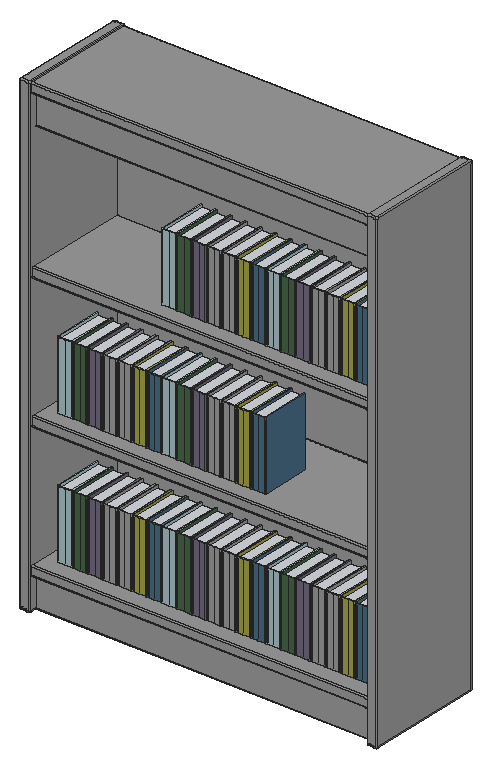
Revit family "Array 36x12x48", category Generic Models, Revit 2018
Family settings
  Can host rebar = No
  Round Connector Dimension = Use Diameter
  Part Type = Normal
  Work Plane-Based = No
  Always vertical = Yes
  Cut with Voids When Loaded = No
  Shared = No
  Room Calculation Point = No
Parameters
  Surface = Array Glider 36x12x48
Reference planes (in)
  plane 1 "Center (Front/Back)": y = 0
  plane 2: z = 0
  plane 3 "Center (Left/Right)": x = 0
Forms (in)
  Extrusion 1, solid, material "Array Glider 36x12x48" <- "Surface"
    sketch origin (0, 0, 6) x (0, 1, 0) y (0, 0, 1)
      loop
        line (-0.125, 41.23662) -> (-0.125, 42.00062)
        arc (-0.125, 42.00062) -> (-0.15956, 42.08405) -> (-0.243, 42.11862) r 0.118
        line (-0.243, 42.11862) -> (-11.757, 42.11862)
        arc (-11.757, 42.11862) -> (-11.84044, 42.08405) -> (-11.875, 42.00062) r 0.118
        line (-11.875, 42.00062) -> (-11.875, 41.23662)
        arc (-11.875, 41.23662) -> (-11.84044, 41.15318) -> (-11.757, 41.11862) r 0.118
        line (-11.757, 41.11862) -> (-0.243, 41.11862)
        arc (-0.243, 41.11862) -> (-0.15956, 41.15318) -> (-0.125, 41.23662) r 0.118
    from -17 to 17
  Extrusion 2, solid, material "Array Glider 36x12x48" <- "Surface"
    sketch origin (0, 0, -37.625) x (0, 1, 0) y (0, 0, 1)
      loop
        line (-0.993, 42.11862) -> (-11.757, 42.11862)
        arc (-11.757, 42.11862) -> (-11.84044, 42.08405) -> (-11.875, 42.00062) r 0.118
        line (-11.875, 42.00062) -> (-11.875, 41.23662)
        arc (-11.875, 41.23662) -> (-11.84044, 41.15318) -> (-11.757, 41.11862) r 0.118
        line (-11.757, 41.11862) -> (-0.993, 41.11862) -> (-0.993, 42.11862)
    from -17 to 17
  Extrusion 3, solid, material "Array Glider 36x12x48" <- "Surface"
    sketch origin (0, 0, 6) x (0, 1, 0) y (0, 0, 1)
      loop
        line (-11.25, 41.11862) -> (-11.25, 37.98662)
        arc (-11.25, 37.98662) -> (-11.21544, 37.90318) -> (-11.132, 37.86862) r 0.118
        line (-11.132, 37.86862) -> (-10.368, 37.86862)
        arc (-10.368, 37.86862) -> (-10.28456, 37.90318) -> (-10.25, 37.98662) r 0.118
        line (-10.25, 37.98662) -> (-10.25, 41.11862) -> (-11.25, 41.11862)
    from -17 to 17
  Extrusion 4, solid, material "Array Glider 36x12x48" <- "Surface"
    sketch origin (0, 0, -37.625) x (0, 1, 0) y (0, 0, 1)
      loop
        line (-11.25, 41.11862) -> (-11.25, 37.98662)
        arc (-11.25, 37.98662) -> (-11.21544, 37.90318) -> (-11.132, 37.86862) r 0.118
        line (-11.132, 37.86862) -> (-10.368, 37.86862)
        arc (-10.368, 37.86862) -> (-10.28456, 37.90318) -> (-10.25, 37.98662) r 0.118
        line (-10.25, 37.98662) -> (-10.25, 41.11862) -> (-11.25, 41.11862)
    from -17 to 17
  Extrusion 5, solid, material "Array Glider 36x12x48" <- "Surface"
    sketch origin (0, -0.618, 0) x (0, 1, 0) y (0, 0, 1)
      loop
        line (0.375, 0.24362) -> (0.375, 47.11862) -> (-0.375, 47.11862) -> (-0.375, 0.24362) -> (0.375, 0.24362)
    from -17 to 17
  Extrusion 6, solid, material "Array Glider 36x12x48" <- "Surface"
    sketch origin (0, 0, -24.166) x (0, 1, 0) y (0, 0, 1)
      loop
        line (-0.993, 41.23662) -> (-0.993, 42.00062)
        arc (-0.993, 42.00062) -> (-1.02756, 42.08405) -> (-1.111, 42.11862) r 0.118
        line (-1.111, 42.11862) -> (-11.632, 42.11862)
        arc (-11.632, 42.11862) -> (-11.71544, 42.08405) -> (-11.75, 42.00062) r 0.118
        line (-11.75, 42.00062) -> (-11.75, 41.23662)
        arc (-11.75, 41.23662) -> (-11.71544, 41.15318) -> (-11.632, 41.11862) r 0.118
        line (-11.632, 41.11862) -> (-1.111, 41.11862)
        arc (-1.111, 41.11862) -> (-1.02756, 41.15318) -> (-0.993, 41.23662) r 0.118
    from -17 to 17
  Revolve 7, solid, material "Array Gliders"
    sketch origin (0, -9.56264, 0) x (1, 0, 0) y (0, 0, 1)
      loop
        line (-15.31312, 0) -> (-14.97741, 0)
        arc (-14.97741, 0) -> (-14.96813, 0.01343) -> (-14.9733, 0.02891) r 0.01826
        line (-14.9733, 0.02891) -> (-15.1255, 0.18112) -> (-15.18869, 0.18112) -> (-15.18869, 1.17538) -> (-15.31312, 1.17538) -> (-15.31312, 0)
      axis (-15.31312, 0) -> (-15.31312, 1.17538)
    angle from 0 to 360
  Extrusion 8, solid, material "Array Gliders"
    sketch origin (0, 0, 0) x (1, 0, 0) y (0, 1, 0)
      loop
        line (-13.9375, -10.25) -> (-16, -8.1875) -> (-16, -10.25) -> (-13.9375, -10.25)
    from 0.24362 to 0.30612
  Extrusion 9, solid, material "Array Glider 36x12x48" <- "Surface"
    sketch origin (0, 0, 0) x (1, 0, 0) y (0, 0, 1)
      loop
        line (-17, 3.49362) -> (-17, 0.24362) -> (-16, 0.24362) -> (-16, 3.49362) -> (-17, 3.49362)
    from 0.993 to 10.25
  Extrusion 10, solid, material "Array Glider 36x12x48" <- "Surface"
    sketch origin (0, 0, 0) x (-1, 0, 0) y (0, 0, -1)
      loop
        line (-17, -3.49362) -> (-16, -3.49362) -> (-16, -0.24362) -> (-17, -0.24362) -> (-17, -3.49362)
    from 0.993 to 10.25
  Extrusion 11, solid, material "Array Glider 36x12x48" <- "Surface"
    sketch origin (0, 0, 43.625) x (-1, 0, 0) y (0, 0, -1)
      loop
        line (-17, -3.49362) -> (-16, -3.49362) -> (-16, -0.36162)
        arc (-16, -0.36162) -> (-16.03456, -0.27818) -> (-16.118, -0.24362) r 0.118
        line (-16.118, -0.24362) -> (-16.882, -0.24362)
        arc (-16.882, -0.24362) -> (-16.96544, -0.27818) -> (-17, -0.36162) r 0.118
        line (-17, -0.36162) -> (-17, -3.49362)
    from 0.993 to 10.25
  Extrusion 12, solid, material "Array Glider 36x12x48" <- "Surface"
    sketch origin (0, 0, 43.625) x (1, 0, 0) y (0, 0, 1)
      loop
        line (-17, 3.49362) -> (-17, 0.36162)
        arc (-17, 0.36162) -> (-16.96544, 0.27818) -> (-16.882, 0.24362) r 0.118
        line (-16.882, 0.24362) -> (-16.118, 0.24362)
        arc (-16.118, 0.24362) -> (-16.03456, 0.27818) -> (-16, 0.36162) r 0.118
        line (-16, 0.36162) -> (-16, 3.49362) -> (-17, 3.49362)
    from 0.993 to 10.25
  Revolve 13, solid, material "Array Gliders"
    sketch origin (0, -9.56264, 0) x (-1, 0, 0) y (0, 0, -1)
      loop
        line (-15.31312, 0) -> (-15.31312, -1.17538) -> (-15.18869, -1.17538) -> (-15.18869, -0.18112) -> (-15.1255, -0.18112) -> (-14.9733, -0.02891)
        arc (-14.9733, -0.02891) -> (-14.96813, -0.01343) -> (-14.97741, 0) r 0.01826
        line (-14.97741, 0) -> (-15.31312, 0)
      axis (-15.31312, 0) -> (-15.31312, -1.17538)
    angle from 0 to 360
  Extrusion 14, solid, material "Array Gliders"
    sketch origin (0, 0, 0) x (-1, 0, 0) y (0, -1, 0)
      loop
        line (-13.9375, 10.25) -> (-16, 10.25) -> (-16, 8.1875) -> (-13.9375, 10.25)
    from 0.24362 to 0.30612
  Extrusion 15, solid, material "Array Glider 36x12x48" <- "Surface"
    sketch origin (0, 0, -10.708) x (0, 1, 0) y (0, 0, 1)
      loop
        line (-0.993, 41.23662) -> (-0.993, 42.00062)
        arc (-0.993, 42.00062) -> (-1.02756, 42.08405) -> (-1.111, 42.11862) r 0.118
        line (-1.111, 42.11862) -> (-11.632, 42.11862)
        arc (-11.632, 42.11862) -> (-11.71544, 42.08405) -> (-11.75, 42.00062) r 0.118
        line (-11.75, 42.00062) -> (-11.75, 41.23662)
        arc (-11.75, 41.23662) -> (-11.71544, 41.15318) -> (-11.632, 41.11862) r 0.118
        line (-11.632, 41.11862) -> (-1.111, 41.11862)
        arc (-1.111, 41.11862) -> (-1.02756, 41.15318) -> (-0.993, 41.23662) r 0.118
    from -17 to 17
  Revolve 16, solid, material "Array Gliders"
    sketch origin (0, -1.68036, 0) x (1, 0, 0) y (0, 0, -1)
      loop
        line (-15.31312, 0) -> (-15.31312, -1.17538) -> (-15.18869, -1.17538) -> (-15.18869, -0.18112) -> (-15.1255, -0.18112) -> (-14.9733, -0.02891)
        arc (-14.9733, -0.02891) -> (-14.96813, -0.01343) -> (-14.97741, 0) r 0.01826
        line (-14.97741, 0) -> (-15.31312, 0)
      axis (-15.31312, 0) -> (-15.31312, -1.17538)
    angle from 0 to 360
  Extrusion 17, solid, material "Array Gliders"
    sketch origin (0, -11.243, 0) x (1, 0, 0) y (0, 1, 0)
      loop
        line (-13.9375, 10.25) -> (-16, 10.25) -> (-16, 8.1875) -> (-13.9375, 10.25)
    from 0.24362 to 0.30612
  Revolve 18, solid, material "Array Gliders"
    sketch origin (0, -1.68036, 0) x (-1, 0, 0) y (0, 0, 1)
      loop
        line (-15.31312, 0) -> (-14.97741, 0)
        arc (-14.97741, 0) -> (-14.96813, 0.01343) -> (-14.9733, 0.02891) r 0.01826
        line (-14.9733, 0.02891) -> (-15.1255, 0.18112) -> (-15.18869, 0.18112) -> (-15.18869, 1.17538) -> (-15.31312, 1.17538) -> (-15.31312, 0)
      axis (-15.31312, 0) -> (-15.31312, 1.17538)
    angle from 0 to 360
  Extrusion 19, solid, material "Array Gliders"
    sketch origin (0, -11.243, 0) x (-1, 0, 0) y (0, -1, 0)
      loop
        line (-13.9375, -10.25) -> (-16, -8.1875) -> (-16, -10.25) -> (-13.9375, -10.25)
    from 0.24362 to 0.30612
  Sweep 20, solid, material "Array Glider 36x12x48" <- "Surface"
    path origin (0, 0, 0) x (0, 1, 0) y (0, 0, 1)
      loop
        arc (-11.86124, 48.12562) -> (-11.87592, 48.11954) -> (-11.882, 48.10486) r 0.02076
        line (-11.882, 48.10486) -> (-11.882, 0.38237)
        arc (-11.882, 0.38237) -> (-11.87592, 0.36769) -> (-11.86124, 0.36162) r 0.02076
        line (-11.86124, 0.36162) -> (-0.13876, 0.36162)
        arc (-0.13876, 0.36162) -> (-0.12408, 0.36769) -> (-0.118, 0.38237) r 0.02076
        line (-0.118, 0.38237) -> (-0.118, 48.10486)
        arc (-0.118, 48.10486) -> (-0.12408, 48.11954) -> (-0.13876, 48.12562) r 0.02076
        line (-0.13876, 48.12562) -> (-11.86124, 48.12562)
    profile origin (0, -6, 48.12562) x (0, 0, 1) y (1, 0, 0)
      loop
        line (0, -17) -> (0, -18)
        arc (0, -18) -> (0.08344, -17.96544) -> (0.118, -17.882) r 0.118
        line (0.118, -17.882) -> (0.118, -17.118)
        arc (0.118, -17.118) -> (0.08344, -17.03456) -> (0, -17) r 0.118
  Sweep 21, solid, material "Array Glider 36x12x48" <- "Surface"
    path origin (0, 0, 0) x (0, 1, 0) y (0, 0, -1)
      loop
        line (-11.86124, -48.12562) -> (-0.13876, -48.12562)
        arc (-0.13876, -48.12562) -> (-0.12408, -48.11954) -> (-0.118, -48.10486) r 0.02076
        line (-0.118, -48.10486) -> (-0.118, -0.38237)
        arc (-0.118, -0.38237) -> (-0.12408, -0.36769) -> (-0.13876, -0.36162) r 0.02076
        line (-0.13876, -0.36162) -> (-11.86124, -0.36162)
        arc (-11.86124, -0.36162) -> (-11.87592, -0.36769) -> (-11.882, -0.38237) r 0.02076
        line (-11.882, -0.38237) -> (-11.882, -48.10486)
        arc (-11.882, -48.10486) -> (-11.87592, -48.11954) -> (-11.86124, -48.12562) r 0.02076
    profile origin (0, -6, 48.12562) x (0, 0, -1) y (-1, 0, 0)
      loop
        arc (0, -17) -> (-0.08344, -17.03456) -> (-0.118, -17.118) r 0.118
        line (-0.118, -17.118) -> (-0.118, -17.882)
        arc (-0.118, -17.882) -> (-0.08344, -17.96544) -> (0, -18) r 0.118
        line (0, -18) -> (0, -17)
  Extrusion 22, solid, material "Array Glider 36x12x48" <- "Surface"
    sketch origin (0, 0, 0) x (0, 1, 0) y (0, 0, 1)
      loop
        arc (-11.86124, 48.12562) -> (-11.87592, 48.11954) -> (-11.882, 48.10486) r 0.02076
        line (-11.882, 48.10486) -> (-11.882, 0.38237)
        arc (-11.882, 0.38237) -> (-11.87592, 0.36769) -> (-11.86124, 0.36162) r 0.02076
        line (-11.86124, 0.36162) -> (-0.13876, 0.36162)
        arc (-0.13876, 0.36162) -> (-0.12408, 0.36769) -> (-0.118, 0.38237) r 0.02076
        line (-0.118, 0.38237) -> (-0.118, 48.10486)
        arc (-0.118, 48.10486) -> (-0.12408, 48.11954) -> (-0.13876, 48.12562) r 0.02076
        line (-0.13876, 48.12562) -> (-11.86124, 48.12562)
    from 17 to 18
  Extrusion 23, solid, material "Array Glider 36x12x48" <- "Surface"
    sketch origin (0, 0, 0) x (0, 1, 0) y (0, 0, -1)
      loop
        line (-11.86124, -48.12562) -> (-0.13876, -48.12562)
        arc (-0.13876, -48.12562) -> (-0.12408, -48.11954) -> (-0.118, -48.10486) r 0.02076
        line (-0.118, -48.10486) -> (-0.118, -0.38237)
        arc (-0.118, -0.38237) -> (-0.12408, -0.36769) -> (-0.13876, -0.36162) r 0.02076
        line (-0.13876, -0.36162) -> (-11.86124, -0.36162)
        arc (-11.86124, -0.36162) -> (-11.87592, -0.36769) -> (-11.882, -0.38237) r 0.02076
        line (-11.882, -0.38237) -> (-11.882, -48.10486)
        arc (-11.882, -48.10486) -> (-11.87592, -48.11954) -> (-11.86124, -48.12562) r 0.02076
    from 17 to 18
Dimensions and locks (in)
  aligned and locked: plane 2 to level
Nested families (in)
  nested 1: "Books" at (-15, -10.07705, 4.49362), type "Books"
  nested 2: "Books" at (-4.5, -10.07705, 4.49362), type "Books"
  nested 3: "Books" at (6, -10.07705, 4.49362), type "Books"
  nested 4: "Books" at (-15, -10.07705, 17.95262), type "Books"
  nested 5: "Books" at (-4.5, -10.07705, 17.95262), type "Books"
  nested 6: "Books" at (-4.5, -10.07705, 31.41062), type "Books"
  nested 7: "Books" at (6, -10.07705, 31.41062), type "Books"
Definition of nested family "Books"
  Reference planes (in)
    plane 1 "Center (Front/Back)": y = 0
    plane 2: z = 0
    plane 3 "Center (Left/Right)": x = 0
    plane 4: z = 0.125
    plane 5: z = 10.875
    plane 6: z = 8.875
    plane 7: y = 1
    plane 8: y = 6
    plane 9: y = 5
    plane 10: z = 6.875
  Forms (in)
    Extrusion 1, solid
      sketch origin (0, 0, 0) x (1, 0, 0) y (0, 1, 0)
        loop
          line (-0.75, 5) -> (-0.75, 0.16705)
          arc (-0.75, 0.16705) -> (-0.70136, 0.11841) -> (-0.75, 0.06977) r 0.04864
          arc (-0.75, 0.06977) -> (-0.71934, 0.01698) -> (-0.66069, 0) r 0.082
          line (-0.66069, 0) -> (0, 0) -> (0.66069, 0)
          arc (0.66069, 0) -> (0.71934, 0.01698) -> (0.75, 0.06977) r 0.082
          arc (0.75, 0.06977) -> (0.70136, 0.11841) -> (0.75, 0.16705) r 0.04864
          line (0.75, 0.16705) -> (0.75, 5) -> (0.6254, 5) -> (0.6254, 0.12848)
          arc (0.6254, 0.12848) -> (0.6041, 0.08281) -> (0.55544, 0.06977) r 0.05961
          line (0.55544, 0.06977) -> (0, 0.06977) -> (-0.55544, 0.06977)
          arc (-0.55544, 0.06977) -> (-0.6041, 0.08281) -> (-0.6254, 0.12848) r 0.05961
          line (-0.6254, 0.12848) -> (-0.6254, 5) -> (-0.75, 5)
      from 0 to 6.875
    Extrusion 2, solid
      sketch origin (-4.75, -180, 0.125) x (-1, 0, 0) y (0, -1, 0)
        loop
          line (-4.1246, -184.88306) -> (-4.1246, -180.13971) -> (-5.3754, -180.13971) -> (-5.3754, -184.88306) -> (-4.1246, -184.88306)
      from 0 to 6.57025
    Extrusion 3, solid
      sketch origin (1.5, 0, 0) x (1, 0, 0) y (0, 1, 0)
        loop
          line (-0.75, 5) -> (-0.75, 0.16705)
          arc (-0.75, 0.16705) -> (-0.70136, 0.11841) -> (-0.75, 0.06977) r 0.04864
          arc (-0.75, 0.06977) -> (-0.71934, 0.01698) -> (-0.66069, 0) r 0.082
          line (-0.66069, 0) -> (0, 0) -> (0.66069, 0)
          arc (0.66069, 0) -> (0.71934, 0.01698) -> (0.75, 0.06977) r 0.082
          arc (0.75, 0.06977) -> (0.70136, 0.11841) -> (0.75, 0.16705) r 0.04864
          line (0.75, 0.16705) -> (0.75, 5) -> (0.6254, 5) -> (0.6254, 0.12848)
          arc (0.6254, 0.12848) -> (0.6041, 0.08281) -> (0.55544, 0.06977) r 0.05961
          line (0.55544, 0.06977) -> (0, 0.06977) -> (-0.55544, 0.06977)
          arc (-0.55544, 0.06977) -> (-0.6041, 0.08281) -> (-0.6254, 0.12848) r 0.05961
          line (-0.6254, 0.12848) -> (-0.6254, 5) -> (-0.75, 5)
      from 0 to 6.875
    Extrusion 4, solid
      sketch origin (-3.25, -180, 0.125) x (-1, 0, 0) y (0, -1, 0)
        loop
          line (-4.1246, -184.88306) -> (-4.1246, -180.13971) -> (-5.3754, -180.13971) -> (-5.3754, -184.88306) -> (-4.1246, -184.88306)
      from 0 to 6.57025
    Extrusion 5, solid
      sketch origin (3, 0, 0) x (1, 0, 0) y (0, 1, 0)
        loop
          line (-0.75, 5) -> (-0.75, 0.16705)
          arc (-0.75, 0.16705) -> (-0.70136, 0.11841) -> (-0.75, 0.06977) r 0.04864
          arc (-0.75, 0.06977) -> (-0.71934, 0.01698) -> (-0.66069, 0) r 0.082
          line (-0.66069, 0) -> (0, 0) -> (0.66069, 0)
          arc (0.66069, 0) -> (0.71934, 0.01698) -> (0.75, 0.06977) r 0.082
          arc (0.75, 0.06977) -> (0.70136, 0.11841) -> (0.75, 0.16705) r 0.04864
          line (0.75, 0.16705) -> (0.75, 5) -> (0.6254, 5) -> (0.6254, 0.12848)
          arc (0.6254, 0.12848) -> (0.6041, 0.08281) -> (0.55544, 0.06977) r 0.05961
          line (0.55544, 0.06977) -> (0, 0.06977) -> (-0.55544, 0.06977)
          arc (-0.55544, 0.06977) -> (-0.6041, 0.08281) -> (-0.6254, 0.12848) r 0.05961
          line (-0.6254, 0.12848) -> (-0.6254, 5) -> (-0.75, 5)
      from 0 to 6.875
    Extrusion 6, solid
      sketch origin (-1.75, -180, 0.125) x (-1, 0, 0) y (0, -1, 0)
        loop
          line (-4.1246, -184.88306) -> (-4.1246, -180.13971) -> (-5.3754, -180.13971) -> (-5.3754, -184.88306) -> (-4.1246, -184.88306)
      from 0 to 6.57025
    Extrusion 7, solid
      sketch origin (4.5, 0, 0) x (1, 0, 0) y (0, 1, 0)
        loop
          line (-0.75, 5) -> (-0.75, 0.16705)
          arc (-0.75, 0.16705) -> (-0.70136, 0.11841) -> (-0.75, 0.06977) r 0.04864
          arc (-0.75, 0.06977) -> (-0.71934, 0.01698) -> (-0.66069, 0) r 0.082
          line (-0.66069, 0) -> (0, 0) -> (0.66069, 0)
          arc (0.66069, 0) -> (0.71934, 0.01698) -> (0.75, 0.06977) r 0.082
          arc (0.75, 0.06977) -> (0.70136, 0.11841) -> (0.75, 0.16705) r 0.04864
          line (0.75, 0.16705) -> (0.75, 5) -> (0.6254, 5) -> (0.6254, 0.12848)
          arc (0.6254, 0.12848) -> (0.6041, 0.08281) -> (0.55544, 0.06977) r 0.05961
          line (0.55544, 0.06977) -> (0, 0.06977) -> (-0.55544, 0.06977)
          arc (-0.55544, 0.06977) -> (-0.6041, 0.08281) -> (-0.6254, 0.12848) r 0.05961
          line (-0.6254, 0.12848) -> (-0.6254, 5) -> (-0.75, 5)
      from 0 to 6.875
    Extrusion 8, solid
      sketch origin (-0.25, -180, 0.125) x (-1, 0, 0) y (0, -1, 0)
        loop
          line (-4.1246, -184.88306) -> (-4.1246, -180.13971) -> (-5.3754, -180.13971) -> (-5.3754, -184.88306) -> (-4.1246, -184.88306)
      from 0 to 6.57025
    Extrusion 9, solid
      sketch origin (6, 0, 0) x (1, 0, 0) y (0, 1, 0)
        loop
          line (-0.75, 5) -> (-0.75, 0.16705)
          arc (-0.75, 0.16705) -> (-0.70136, 0.11841) -> (-0.75, 0.06977) r 0.04864
          arc (-0.75, 0.06977) -> (-0.71934, 0.01698) -> (-0.66069, 0) r 0.082
          line (-0.66069, 0) -> (0, 0) -> (0.66069, 0)
          arc (0.66069, 0) -> (0.71934, 0.01698) -> (0.75, 0.06977) r 0.082
          arc (0.75, 0.06977) -> (0.70136, 0.11841) -> (0.75, 0.16705) r 0.04864
          line (0.75, 0.16705) -> (0.75, 5) -> (0.6254, 5) -> (0.6254, 0.12848)
          arc (0.6254, 0.12848) -> (0.6041, 0.08281) -> (0.55544, 0.06977) r 0.05961
          line (0.55544, 0.06977) -> (0, 0.06977) -> (-0.55544, 0.06977)
          arc (-0.55544, 0.06977) -> (-0.6041, 0.08281) -> (-0.6254, 0.12848) r 0.05961
          line (-0.6254, 0.12848) -> (-0.6254, 5) -> (-0.75, 5)
      from 0 to 6.875
    Extrusion 10, solid
      sketch origin (1.25, -180, 0.125) x (-1, 0, 0) y (0, -1, 0)
        loop
          line (-4.1246, -184.88306) -> (-4.1246, -180.13971) -> (-5.3754, -180.13971) -> (-5.3754, -184.88306) -> (-4.1246, -184.88306)
      from 0 to 6.57025
    Extrusion 11, solid
      sketch origin (7.5, 0, 0) x (1, 0, 0) y (0, 1, 0)
        loop
          line (-0.75, 5) -> (-0.75, 0.16705)
          arc (-0.75, 0.16705) -> (-0.70136, 0.11841) -> (-0.75, 0.06977) r 0.04864
          arc (-0.75, 0.06977) -> (-0.71934, 0.01698) -> (-0.66069, 0) r 0.082
          line (-0.66069, 0) -> (0, 0) -> (0.66069, 0)
          arc (0.66069, 0) -> (0.71934, 0.01698) -> (0.75, 0.06977) r 0.082
          arc (0.75, 0.06977) -> (0.70136, 0.11841) -> (0.75, 0.16705) r 0.04864
          line (0.75, 0.16705) -> (0.75, 5) -> (0.6254, 5) -> (0.6254, 0.12848)
          arc (0.6254, 0.12848) -> (0.6041, 0.08281) -> (0.55544, 0.06977) r 0.05961
          line (0.55544, 0.06977) -> (0, 0.06977) -> (-0.55544, 0.06977)
          arc (-0.55544, 0.06977) -> (-0.6041, 0.08281) -> (-0.6254, 0.12848) r 0.05961
          line (-0.6254, 0.12848) -> (-0.6254, 5) -> (-0.75, 5)
      from 0 to 6.875
    Extrusion 12, solid
      sketch origin (2.75, -180, 0.125) x (-1, 0, 0) y (0, -1, 0)
        loop
          line (-4.1246, -184.88306) -> (-4.1246, -180.13971) -> (-5.3754, -180.13971) -> (-5.3754, -184.88306) -> (-4.1246, -184.88306)
      from 0 to 6.57025
    Extrusion 13, solid
      sketch origin (9, 0, 0) x (1, 0, 0) y (0, 1, 0)
        loop
          line (-0.75, 5) -> (-0.75, 0.16705)
          arc (-0.75, 0.16705) -> (-0.70136, 0.11841) -> (-0.75, 0.06977) r 0.04864
          arc (-0.75, 0.06977) -> (-0.71934, 0.01698) -> (-0.66069, 0) r 0.082
          line (-0.66069, 0) -> (0, 0) -> (0.66069, 0)
          arc (0.66069, 0) -> (0.71934, 0.01698) -> (0.75, 0.06977) r 0.082
          arc (0.75, 0.06977) -> (0.70136, 0.11841) -> (0.75, 0.16705) r 0.04864
          line (0.75, 0.16705) -> (0.75, 5) -> (0.6254, 5) -> (0.6254, 0.12848)
          arc (0.6254, 0.12848) -> (0.6041, 0.08281) -> (0.55544, 0.06977) r 0.05961
          line (0.55544, 0.06977) -> (0, 0.06977) -> (-0.55544, 0.06977)
          arc (-0.55544, 0.06977) -> (-0.6041, 0.08281) -> (-0.6254, 0.12848) r 0.05961
          line (-0.6254, 0.12848) -> (-0.6254, 5) -> (-0.75, 5)
      from 0 to 6.875
    Extrusion 14, solid
      sketch origin (4.25, -180, 0.125) x (-1, 0, 0) y (0, -1, 0)
        loop
          line (-4.1246, -184.88306) -> (-4.1246, -180.13971) -> (-5.3754, -180.13971) -> (-5.3754, -184.88306) -> (-4.1246, -184.88306)
      from 0 to 6.57025
  Lines and regions (in)
    model lines
      curve 1: line (-0.3754, 4.88306, 6.69525) -> (-0.3754, 0.13971, 6.69525)
      curve 2: line (-0.1254, 4.88306, 6.69525) -> (-0.1254, 0.13971, 6.69525)
      curve 3: line (0.1246, 4.88306, 6.69525) -> (0.1246, 0.13971, 6.69525)
      curve 4: line (0.3746, 4.88306, 6.69525) -> (0.3746, 0.13971, 6.69525)
      curve 5: line (1.1246, 4.88306, 6.69525) -> (1.1246, 0.13971, 6.69525)
      curve 6: line (1.3746, 4.88306, 6.69525) -> (1.3746, 0.13971, 6.69525)
      curve 7: line (1.6246, 4.88306, 6.69525) -> (1.6246, 0.13971, 6.69525)
      curve 8: line (1.8746, 4.88306, 6.69525) -> (1.8746, 0.13971, 6.69525)
      curve 9: line (2.6246, 4.88306, 6.69525) -> (2.6246, 0.13971, 6.69525)
      curve 10: line (2.8746, 4.88306, 6.69525) -> (2.8746, 0.13971, 6.69525)
      curve 11: line (3.1246, 4.88306, 6.69525) -> (3.1246, 0.13971, 6.69525)
      curve 12: line (3.3746, 4.88306, 6.69525) -> (3.3746, 0.13971, 6.69525)
      curve 13: line (4.1246, 4.88306, 6.69525) -> (4.1246, 0.13971, 6.69525)
      curve 14: line (4.3746, 4.88306, 6.69525) -> (4.3746, 0.13971, 6.69525)
      curve 15: line (4.6246, 4.88306, 6.69525) -> (4.6246, 0.13971, 6.69525)
      curve 16: line (4.8746, 4.88306, 6.69525) -> (4.8746, 0.13971, 6.69525)
      curve 17: line (5.6246, 4.88306, 6.69525) -> (5.6246, 0.13971, 6.69525)
      curve 18: line (5.8746, 4.88306, 6.69525) -> (5.8746, 0.13971, 6.69525)
      curve 19: line (6.1246, 4.88306, 6.69525) -> (6.1246, 0.13971, 6.69525)
      curve 20: line (6.3746, 4.88306, 6.69525) -> (6.3746, 0.13971, 6.69525)
      curve 21: line (7.1246, 4.88306, 6.69525) -> (7.1246, 0.13971, 6.69525)
      curve 22: line (7.3746, 4.88306, 6.69525) -> (7.3746, 0.13971, 6.69525)
      curve 23: line (7.6246, 4.88306, 6.69525) -> (7.6246, 0.13971, 6.69525)
      curve 24: line (7.8746, 4.88306, 6.69525) -> (7.8746, 0.13971, 6.69525)
      curve 25: line (8.6246, 4.88306, 6.69525) -> (8.6246, 0.13971, 6.69525)
      curve 26: line (8.8746, 4.88306, 6.69525) -> (8.8746, 0.13971, 6.69525)
      curve 27: line (9.1246, 4.88306, 6.69525) -> (9.1246, 0.13971, 6.69525)
      curve 28: line (9.3746, 4.88306, 6.69525) -> (9.3746, 0.13971, 6.69525)
